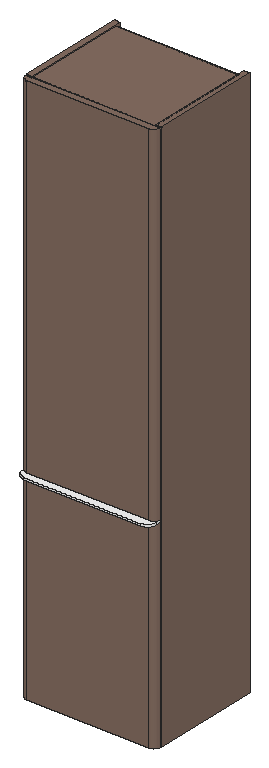
Revit family "tall cabinet, door hinge", category Furniture, Revit 2019 (continued)
Definition of nested family "tall cabinet 400_350, door hinge left-54138670-dark walnut-matt_black-400_content"
  Parameters (values of type "Tall cabinet 400_350, door hinge left-54138670-Dark Walnut-MATT_BLACK-400_Content")
    LINA = "Tall cabinet 400/350, door hinge left-54138670-Dark Walnut-MATT_BLACK-400"
    L = 400
    IFC = "Furnishing element"
    GTINCODE = "4059625458242"
    ETIM = "EC011381 | Bathroom furniture set"
    Default Elevation = 1219.2 mm
    DESIGN = "Germany"
    ContentVisible [instance] = yes
    CATALOG = "Hansgrohe"
    BIMOBJECT = "Sanitary: Compound units"
    BASENUMBER = "Tall cabinet 400/350, door hinge left"
    ARTNR = "54138670"
  Reference planes
    plane 1 "Center (Front/Back)": y = 0
    plane 2: z = 0
    plane 3 "Center (Left/Right)": x = 0
  Forms (mm)
    Extrusion 1, solid, visible <- "ContentVisible", detail levels medium+fine
      sketch origin (0, 0, 0) x (1, 0, 0) y (0, 1, 0)
        loop
          line (-200, 0) -> (-200, -325)
          arc (-200, -325) -> (-199.121, -327.121) -> (-197, -328) r 3
          line (-197, -328) -> (-184, -328) -> (-184, 0) -> (-200, 0)
      from 0 to 1650
    Extrusion 2, solid, visible <- "ContentVisible", detail levels medium+fine
      sketch origin (0, 0, 0) x (1, 0, 0) y (0, 1, 0)
        loop
          line (-184, -20) -> (-184, -327) -> (184, -327) -> (184, -20) -> (-184, -20)
      from 0 to 1649
    Extrusion 3, solid, visible <- "ContentVisible", detail levels medium+fine
      sketch origin (0, 0, 0) x (1, 0, 0) y (0, 1, 0)
        loop
          line (184, 0) -> (184, -328) -> (197, -328)
          arc (197, -328) -> (199.121, -327.121) -> (200, -325) r 3
          line (200, -325) -> (200, 0) -> (184, 0)
      from 0 to 1650
    Extrusion 4, solid, visible <- "ContentVisible", detail levels medium+fine
      sketch origin (0, 0, 2) x (1, 0, 0) y (0, 1, 0)
        loop
          line (-184, -16) -> (-184, -20) -> (184, -20) -> (184, -16) -> (-184, -16)
      from 0 to 1646
    Extrusion 5, solid, visible <- "ContentVisible", detail levels medium+fine
      sketch origin (0, 0, 2) x (1, 0, 0) y (0, 1, 0)
        loop
          arc (-200, -330) -> (-194.435, -343.435) -> (-181, -349) r 19
          line (-181, -349) -> (181, -349)
          arc (181, -349) -> (194.435, -343.435) -> (200, -330) r 19
          line (200, -330) -> (200, -328) -> (-200, -328) -> (-200, -330)
      from 0 to 597
    Extrusion 6, solid, visible <- "ContentVisible", detail levels medium+fine
      sketch origin (0, 0, 599) x (1, 0, 0) y (0, 1, 0)
        loop
          line (-198.5, -328) -> (-198.5, -344)
          arc (-198.5, -344) -> (-191.178, -361.678) -> (-173.5, -369) r 25
          line (-173.5, -369) -> (173.5, -369)
          arc (173.5, -369) -> (191.178, -361.678) -> (198.5, -344) r 25
          line (198.5, -344) -> (198.5, -328) -> (178.5, -328) -> (178.5, -326.5) -> (-178.5, -326.5) -> (-178.5, -328) -> (-198.5, -328)
      from 0 to 5
    Extrusion 7, solid, visible <- "ContentVisible", detail levels medium+fine
      sketch origin (0, 0, 607) x (1, 0, 0) y (0, 1, 0)
        loop
          arc (-200, -330) -> (-194.435, -343.435) -> (-181, -349) r 19
          line (-181, -349) -> (181, -349)
          arc (181, -349) -> (194.435, -343.435) -> (200, -330) r 19
          line (200, -330) -> (200, -328) -> (-200, -328) -> (-200, -330)
      from 0 to 1041
    Extrusion 8, solid, visible <- "ContentVisible", detail levels coarse
      sketch origin (0, -184.5, 0) x (1, 0, 0) y (0, 1, 0)
        loop
          line (-200, -184.5) -> (200, -184.5) -> (200, 184.5) -> (-200, 184.5) -> (-200, -184.5)
      from 0 to 1650
  Dimensions and locks
    aligned and locked: level to plane 2
Definition of nested family "tall cabinet 400_350, door hinge left-54138700-dark walnut-matt_white-200_content"
  Parameters (values of type "Tall cabinet 400_350, door hinge left-54138700-Dark Walnut-MATT_WHITE-200_Content")
    etim7_EC011381 = "EC011381"
    WEIGHT = "36.9"
    UNSPSC = "56 | Furniture and Furnishings"
    UNIFORMATII = "E2010 | Fixed Furnishings"
    UNICLASS_2015_CODE = "40_30_78_05"
    UNICLASS2015 = "Pr_40_30_78_05 | Bathroom furniture"
    SURFACE = "MATT_WHITE"
    SPECIFICATION = "Surfaces:    - 54138000 Chrome  - 54138670 Matt Black  - 54138700 Matt White      Specification:"
    REGIONSET = "Worldwide"
    PRODUCTURL = "https://pro.hansgrohe.com/articledetail--54138000"
    PRODUCTGROUP = "bathroom vanity"
    PRODUCTFAMILY = "Xelu Q"
    PERMALINK = "54138XXX"
    OMNICLASS = "23-21 19 15 33 13 | Residential Bathroom Specialty Casework"
    OBJECTTYPE = "Object (single object)"
    OBERFLAECHE = "Dark Walnut"
    NN = "Tall cabinet, door hinge"
    NBSYN = "$BASENUMBER.-$ARTNR.-$OBERFLAECHE.-$SURFACE.-$LODLEVEL."
    NB = "Tall cabinet 400/350, door hinge left-54138700-Dark Walnut-MATT_WHITE-200"
    NAME = "Xelu Q Tall cabinet Dark Walnut 400/350, door hinge left"
    Model = "Tall cabinet 400/350, door hinge left-54138700-Dark Walnut-MATT_WHITE-200"
    Manufacturer = "Hansgrohe"
    MASTERFORMAT = "12 35 30.23 | Bathroom Casework"
    LODLEVEL = "200"
    LINA = "Tall cabinet 400/350, door hinge left-54138700-Dark Walnut-MATT_WHITE-200"
    L = 400
    IFC = "Furnishing element"
    GTINCODE = "4059625458242"
    ETIM = "EC011381 | Bathroom furniture set"
    Default Elevation = 1219.2 mm
    DESIGN = "Germany"
    ContentVisible [instance] = yes
    CATALOG = "Hansgrohe"
    BIMOBJECT = "Sanitary: Compound units"
    BASENUMBER = "Tall cabinet 400/350, door hinge left"
    ARTNR = "54138700"
  Reference planes
    plane 1 "Center (Front/Back)": y = 0
    plane 2: z = 0
    plane 3 "Center (Left/Right)": x = 0
  Forms (mm)
    Extrusion 1, solid, visible <- "ContentVisible", detail levels medium+fine
      sketch origin (0, 0, 0) x (1, 0, 0) y (0, 1, 0)
        loop
          line (-200, 0) -> (-200, -349) -> (200, -349) -> (200, 0) -> (-200, 0)
      from 0 to 1650
    Extrusion 2, solid, visible <- "ContentVisible", detail levels medium+fine
      sketch origin (0, 0, 599) x (1, 0, 0) y (0, 1, 0)
        loop
          line (-198.5, -328) -> (-198.5, -369) -> (198.5, -369) -> (198.5, -328) -> (178.5, -328) -> (178.5, -326.5) -> (-178.5, -326.5) -> (-178.5, -328) -> (-198.5, -328)
      from 0 to 5
    Extrusion 3, solid, visible <- "ContentVisible", detail levels coarse
      sketch origin (0, -184.5, 0) x (1, 0, 0) y (0, 1, 0)
        loop
          line (-200, -184.5) -> (200, -184.5) -> (200, 184.5) -> (-200, 184.5) -> (-200, -184.5)
      from 0 to 1650
  Dimensions and locks
    aligned and locked: level to plane 2
Definition of nested family "tall cabinet 400_350, door hinge left-54138700-dark walnut-matt_white-400_content"
  Parameters (values of type "Tall cabinet 400_350, door hinge left-54138700-Dark Walnut-MATT_WHITE-400_Content")
    etim7_EC011381 = "EC011381"
    WEIGHT = "36.9"
    UNSPSC = "56 | Furniture and Furnishings"
    UNIFORMATII = "E2010 | Fixed Furnishings"
    UNICLASS_2015_CODE = "40_30_78_05"
    UNICLASS2015 = "Pr_40_30_78_05 | Bathroom furniture"
    SURFACE = "MATT_WHITE"
    SPECIFICATION = "Surfaces:    - 54138000 Chrome  - 54138670 Matt Black  - 54138700 Matt White      Specification:"
    REGIONSET = "Worldwide"
    PRODUCTURL = "https://pro.hansgrohe.com/articledetail--54138000"
    PRODUCTGROUP = "bathroom vanity"
    PRODUCTFAMILY = "Xelu Q"
    PERMALINK = "54138XXX"
    OMNICLASS = "23-21 19 15 33 13 | Residential Bathroom Specialty Casework"
    OBJECTTYPE = "Object (single object)"
    OBERFLAECHE = "Dark Walnut"
    NN = "Tall cabinet, door hinge"
    NBSYN = "$BASENUMBER.-$ARTNR.-$OBERFLAECHE.-$SURFACE.-$LODLEVEL."
    NB = "Tall cabinet 400/350, door hinge left-54138700-Dark Walnut-MATT_WHITE-400"
    NAME = "Xelu Q Tall cabinet Dark Walnut 400/350, door hinge left"
    Model = "Tall cabinet 400/350, door hinge left-54138700-Dark Walnut-MATT_WHITE-400"
    Manufacturer = "Hansgrohe"
    MASTERFORMAT = "12 35 30.23 | Bathroom Casework"
    LODLEVEL = "400"
    LINA = "Tall cabinet 400/350, door hinge left-54138700-Dark Walnut-MATT_WHITE-400"
    L = 400
    IFC = "Furnishing element"
    GTINCODE = "4059625458242"
    ETIM = "EC011381 | Bathroom furniture set"
    Default Elevation = 1219.2 mm
    DESIGN = "Germany"
    ContentVisible [instance] = yes
    CATALOG = "Hansgrohe"
    BIMOBJECT = "Sanitary: Compound units"
    BASENUMBER = "Tall cabinet 400/350, door hinge left"
    ARTNR = "54138700"
  Reference planes
    plane 1 "Center (Front/Back)": y = 0
    plane 2: z = 0
    plane 3 "Center (Left/Right)": x = 0
  Forms (mm)
    Extrusion 1, solid, visible <- "ContentVisible", detail levels medium+fine
      sketch origin (0, 0, 0) x (1, 0, 0) y (0, 1, 0)
        loop
          line (-200, 0) -> (-200, -325)
          arc (-200, -325) -> (-199.121, -327.121) -> (-197, -328) r 3
          line (-197, -328) -> (-184, -328) -> (-184, 0) -> (-200, 0)
      from 0 to 1650
    Extrusion 2, solid, visible <- "ContentVisible", detail levels medium+fine
      sketch origin (0, 0, 0) x (1, 0, 0) y (0, 1, 0)
        loop
          line (-184, -20) -> (-184, -327) -> (184, -327) -> (184, -20) -> (-184, -20)
      from 0 to 1649
    Extrusion 3, solid, visible <- "ContentVisible", detail levels medium+fine
      sketch origin (0, 0, 0) x (1, 0, 0) y (0, 1, 0)
        loop
          line (184, 0) -> (184, -328) -> (197, -328)
          arc (197, -328) -> (199.121, -327.121) -> (200, -325) r 3
          line (200, -325) -> (200, 0) -> (184, 0)
      from 0 to 1650
    Extrusion 4, solid, visible <- "ContentVisible", detail levels medium+fine
      sketch origin (0, 0, 2) x (1, 0, 0) y (0, 1, 0)
        loop
          line (-184, -16) -> (-184, -20) -> (184, -20) -> (184, -16) -> (-184, -16)
      from 0 to 1646
    Extrusion 5, solid, visible <- "ContentVisible", detail levels medium+fine
      sketch origin (0, 0, 2) x (1, 0, 0) y (0, 1, 0)
        loop
          arc (-200, -330) -> (-194.435, -343.435) -> (-181, -349) r 19
          line (-181, -349) -> (181, -349)
          arc (181, -349) -> (194.435, -343.435) -> (200, -330) r 19
          line (200, -330) -> (200, -328) -> (-200, -328) -> (-200, -330)
      from 0 to 597
    Extrusion 6, solid, visible <- "ContentVisible", detail levels medium+fine
      sketch origin (0, 0, 599) x (1, 0, 0) y (0, 1, 0)
        loop
          line (-198.5, -328) -> (-198.5, -344)
          arc (-198.5, -344) -> (-191.178, -361.678) -> (-173.5, -369) r 25
          line (-173.5, -369) -> (173.5, -369)
          arc (173.5, -369) -> (191.178, -361.678) -> (198.5, -344) r 25
          line (198.5, -344) -> (198.5, -328) -> (178.5, -328) -> (178.5, -326.5) -> (-178.5, -326.5) -> (-178.5, -328) -> (-198.5, -328)
      from 0 to 5
    Extrusion 7, solid, visible <- "ContentVisible", detail levels medium+fine
      sketch origin (0, 0, 607) x (1, 0, 0) y (0, 1, 0)
        loop
          arc (-200, -330) -> (-194.435, -343.435) -> (-181, -349) r 19
          line (-181, -349) -> (181, -349)
          arc (181, -349) -> (194.435, -343.435) -> (200, -330) r 19
          line (200, -330) -> (200, -328) -> (-200, -328) -> (-200, -330)
      from 0 to 1041
    Extrusion 8, solid, visible <- "ContentVisible", detail levels coarse
      sketch origin (0, -184.5, 0) x (1, 0, 0) y (0, 1, 0)
        loop
          line (-200, -184.5) -> (200, -184.5) -> (200, 184.5) -> (-200, 184.5) -> (-200, -184.5)
      from 0 to 1650
  Dimensions and locks
    aligned and locked: level to plane 2
Definition of nested family "tall cabinet 400_350, door hinge right-54139000-high gloss white-chrome-200_content"
  Parameters (values of type "Tall cabinet 400_350, door hinge right-54139000-High Gloss White-CHROME-200_Content")
    etim7_EC011381 = "EC011381"
    WEIGHT = "36.9"
    UNSPSC = "56 | Furniture and Furnishings"
    UNIFORMATII = "E2010 | Fixed Furnishings"
    UNICLASS_2015_CODE = "40_30_78_05"
    UNICLASS2015 = "Pr_40_30_78_05 | Bathroom furniture"
    SURFACE = "CHROME"
    SPECIFICATION = "Surfaces:    - 54139000 Chrome  - 54139670 Matt Black  - 54139700 Matt White      Specification:"
    REGIONSET = "Worldwide"
    PRODUCTURL = "https://pro.hansgrohe.com/articledetail--54139000"
    PRODUCTGROUP = "bathroom vanity"
    PRODUCTFAMILY = "Xelu Q"
    PERMALINK = "54139XXX"
    OMNICLASS = "23-21 19 15 33 13 | Residential Bathroom Specialty Casework"
    OBJECTTYPE = "Object (single object)"
    OBERFLAECHE = "High Gloss White"
    NN = "Tall cabinet, door hinge"
    NBSYN = "$BASENUMBER.-$ARTNR.-$OBERFLAECHE.-$SURFACE.-$LODLEVEL."
    NB = "Tall cabinet 400/350, door hinge right-54139000-High Gloss White-CHROME-200"
    NAME = "Xelu Q Tall cabinet High Gloss White 400/350, door hinge right"
    Model = "Tall cabinet 400/350, door hinge right-54139000-High Gloss White-CHROME-200"
    Manufacturer = "Hansgrohe"
    MASTERFORMAT = "12 35 30.23 | Bathroom Casework"
    LODLEVEL = "200"
    LINA = "Tall cabinet 400/350, door hinge right-54139000-High Gloss White-CHROME-200"
    L = 400
    IFC = "Furnishing element"
    GTINCODE = "4059625458617"
    ETIM = "EC011381 | Bathroom furniture set"
    Default Elevation = 1219.2 mm
    DESIGN = "Germany"
    ContentVisible [instance] = yes
    CATALOG = "Hansgrohe"
    BIMOBJECT = "Sanitary: Compound units"
    BASENUMBER = "Tall cabinet 400/350, door hinge right"
    ARTNR = "54139000"
  Reference planes
    plane 1 "Center (Front/Back)": y = 0
    plane 2: z = 0
    plane 3 "Center (Left/Right)": x = 0
  Forms (mm)
    Extrusion 1, solid, visible <- "ContentVisible", detail levels medium+fine
      sketch origin (0, 0, 0) x (1, 0, 0) y (0, 1, 0)
        loop
          line (-200, 0) -> (-200, -349) -> (200, -349) -> (200, 0) -> (-200, 0)
      from 0 to 1650
    Extrusion 2, solid, visible <- "ContentVisible", detail levels medium+fine
      sketch origin (0, 0, 599) x (1, 0, 0) y (0, 1, 0)
        loop
          line (-198.5, -328) -> (-198.5, -369) -> (198.5, -369) -> (198.5, -328) -> (178.5, -328) -> (178.5, -326.5) -> (-178.5, -326.5) -> (-178.5, -328) -> (-198.5, -328)
      from 0 to 5
    Extrusion 3, solid, visible <- "ContentVisible", detail levels coarse
      sketch origin (0, -184.5, 0) x (1, 0, 0) y (0, 1, 0)
        loop
          line (-200, -184.5) -> (200, -184.5) -> (200, 184.5) -> (-200, 184.5) -> (-200, -184.5)
      from 0 to 1650
  Dimensions and locks
    aligned and locked: level to plane 2
Definition of nested family "tall cabinet 400_350, door hinge right-54139000-high gloss white-chrome-400_content"
  Parameters (values of type "Tall cabinet 400_350, door hinge right-54139000-High Gloss White-CHROME-400_Content")
    etim7_EC011381 = "EC011381"
    WEIGHT = "36.9"
    UNSPSC = "56 | Furniture and Furnishings"
    UNIFORMATII = "E2010 | Fixed Furnishings"
    UNICLASS_2015_CODE = "40_30_78_05"
    UNICLASS2015 = "Pr_40_30_78_05 | Bathroom furniture"
    SURFACE = "CHROME"
    SPECIFICATION = "Surfaces:    - 54139000 Chrome  - 54139670 Matt Black  - 54139700 Matt White      Specification:"
    REGIONSET = "Worldwide"
    PRODUCTURL = "https://pro.hansgrohe.com/articledetail--54139000"
    PRODUCTGROUP = "bathroom vanity"
    PRODUCTFAMILY = "Xelu Q"
    PERMALINK = "54139XXX"
    OMNICLASS = "23-21 19 15 33 13 | Residential Bathroom Specialty Casework"
    OBJECTTYPE = "Object (single object)"
    OBERFLAECHE = "High Gloss White"
    NN = "Tall cabinet, door hinge"
    NBSYN = "$BASENUMBER.-$ARTNR.-$OBERFLAECHE.-$SURFACE.-$LODLEVEL."
    NB = "Tall cabinet 400/350, door hinge right-54139000-High Gloss White-CHROME-400"
    NAME = "Xelu Q Tall cabinet High Gloss White 400/350, door hinge right"
    Model = "Tall cabinet 400/350, door hinge right-54139000-High Gloss White-CHROME-400"
    Manufacturer = "Hansgrohe"
    MASTERFORMAT = "12 35 30.23 | Bathroom Casework"
    LODLEVEL = "400"
    LINA = "Tall cabinet 400/350, door hinge right-54139000-High Gloss White-CHROME-400"
    L = 400
    IFC = "Furnishing element"
    GTINCODE = "4059625458617"
    ETIM = "EC011381 | Bathroom furniture set"
    Default Elevation = 1219.2 mm
    DESIGN = "Germany"
    ContentVisible [instance] = yes
    CATALOG = "Hansgrohe"
    BIMOBJECT = "Sanitary: Compound units"
    BASENUMBER = "Tall cabinet 400/350, door hinge right"
    ARTNR = "54139000"
  Reference planes
    plane 1 "Center (Front/Back)": y = 0
    plane 2: z = 0
    plane 3 "Center (Left/Right)": x = 0
  Forms (mm)
    Extrusion 1, solid, visible <- "ContentVisible", detail levels medium+fine
      sketch origin (0, 0, 0) x (1, 0, 0) y (0, 1, 0)
        loop
          line (-200, 0) -> (-200, -325)
          arc (-200, -325) -> (-199.121, -327.121) -> (-197, -328) r 3
          line (-197, -328) -> (-184, -328) -> (-184, 0) -> (-200, 0)
      from 0 to 1650
    Extrusion 2, solid, visible <- "ContentVisible", detail levels medium+fine
      sketch origin (0, 0, 0) x (1, 0, 0) y (0, 1, 0)
        loop
          line (-184, -20) -> (-184, -327) -> (184, -327) -> (184, -20) -> (-184, -20)
      from 0 to 1649
    Extrusion 3, solid, visible <- "ContentVisible", detail levels medium+fine
      sketch origin (0, 0, 0) x (1, 0, 0) y (0, 1, 0)
        loop
          line (184, 0) -> (184, -328) -> (197, -328)
          arc (197, -328) -> (199.121, -327.121) -> (200, -325) r 3
          line (200, -325) -> (200, 0) -> (184, 0)
      from 0 to 1650
    Extrusion 4, solid, visible <- "ContentVisible", detail levels medium+fine
      sketch origin (0, 0, 2) x (1, 0, 0) y (0, 1, 0)
        loop
          line (-184, -16) -> (-184, -20) -> (184, -20) -> (184, -16) -> (-184, -16)
      from 0 to 1646
    Extrusion 5, solid, visible <- "ContentVisible", detail levels medium+fine
      sketch origin (0, 0, 2) x (1, 0, 0) y (0, 1, 0)
        loop
          arc (-200, -330) -> (-194.435, -343.435) -> (-181, -349) r 19
          line (-181, -349) -> (181, -349)
          arc (181, -349) -> (194.435, -343.435) -> (200, -330) r 19
          line (200, -330) -> (200, -328) -> (-200, -328) -> (-200, -330)
      from 0 to 597
    Extrusion 6, solid, visible <- "ContentVisible", detail levels medium+fine
      sketch origin (0, 0, 599) x (1, 0, 0) y (0, 1, 0)
        loop
          line (-198.5, -328) -> (-198.5, -344)
          arc (-198.5, -344) -> (-191.178, -361.678) -> (-173.5, -369) r 25
          line (-173.5, -369) -> (173.5, -369)
          arc (173.5, -369) -> (191.178, -361.678) -> (198.5, -344) r 25
          line (198.5, -344) -> (198.5, -328) -> (178.5, -328) -> (178.5, -326.5) -> (-178.5, -326.5) -> (-178.5, -328) -> (-198.5, -328)
      from 0 to 5
    Extrusion 7, solid, visible <- "ContentVisible", detail levels medium+fine
      sketch origin (0, 0, 607) x (1, 0, 0) y (0, 1, 0)
        loop
          arc (-200, -330) -> (-194.435, -343.435) -> (-181, -349) r 19
          line (-181, -349) -> (181, -349)
          arc (181, -349) -> (194.435, -343.435) -> (200, -330) r 19
          line (200, -330) -> (200, -328) -> (-200, -328) -> (-200, -330)
      from 0 to 1041
    Extrusion 8, solid, visible <- "ContentVisible", detail levels coarse
      sketch origin (0, -184.5, 0) x (1, 0, 0) y (0, 1, 0)
        loop
          line (-200, -184.5) -> (200, -184.5) -> (200, 184.5) -> (-200, 184.5) -> (-200, -184.5)
      from 0 to 1650
  Dimensions and locks
    aligned and locked: level to plane 2
Definition of nested family "tall cabinet 400_350, door hinge right-54139670-high gloss white-matt_black-200_content"
  Parameters (values of type "Tall cabinet 400_350, door hinge right-54139670-High Gloss White-MATT_BLACK-200_Content")
    etim7_EC011381 = "EC011381"
    WEIGHT = "36.9"
    UNSPSC = "56 | Furniture and Furnishings"
    UNIFORMATII = "E2010 | Fixed Furnishings"
    UNICLASS_2015_CODE = "40_30_78_05"
    UNICLASS2015 = "Pr_40_30_78_05 | Bathroom furniture"
    SURFACE = "MATT_BLACK"
    SPECIFICATION = "Surfaces:    - 54139000 Chrome  - 54139670 Matt Black  - 54139700 Matt White      Specification:"
    REGIONSET = "Worldwide"
    PRODUCTURL = "https://pro.hansgrohe.com/articledetail--54139000"
    PRODUCTGROUP = "bathroom vanity"
    PRODUCTFAMILY = "Xelu Q"
    PERMALINK = "54139XXX"
    OMNICLASS = "23-21 19 15 33 13 | Residential Bathroom Specialty Casework"
    OBJECTTYPE = "Object (single object)"
    OBERFLAECHE = "High Gloss White"
    NN = "Tall cabinet, door hinge"
    NBSYN = "$BASENUMBER.-$ARTNR.-$OBERFLAECHE.-$SURFACE.-$LODLEVEL."
    NB = "Tall cabinet 400/350, door hinge right-54139670-High Gloss White-MATT_BLACK-200"
    NAME = "Xelu Q Tall cabinet High Gloss White 400/350, door hinge right"
    Model = "Tall cabinet 400/350, door hinge right-54139670-High Gloss White-MATT_BLACK-200"
    Manufacturer = "Hansgrohe"
    MASTERFORMAT = "12 35 30.23 | Bathroom Casework"
    LODLEVEL = "200"
    LINA = "Tall cabinet 400/350, door hinge right-54139670-High Gloss White-MATT_BLACK-200"
    L = 400
    IFC = "Furnishing element"
    GTINCODE = "4059625458617"
    ETIM = "EC011381 | Bathroom furniture set"
    Default Elevation = 1219.2 mm
    DESIGN = "Germany"
    ContentVisible [instance] = yes
    CATALOG = "Hansgrohe"
    BIMOBJECT = "Sanitary: Compound units"
    BASENUMBER = "Tall cabinet 400/350, door hinge right"
    ARTNR = "54139670"
  Reference planes
    plane 1 "Center (Front/Back)": y = 0
    plane 2: z = 0
    plane 3 "Center (Left/Right)": x = 0
  Forms (mm)
    Extrusion 1, solid, visible <- "ContentVisible", detail levels medium+fine
      sketch origin (0, 0, 0) x (1, 0, 0) y (0, 1, 0)
        loop
          line (-200, 0) -> (-200, -349) -> (200, -349) -> (200, 0) -> (-200, 0)
      from 0 to 1650
    Extrusion 2, solid, visible <- "ContentVisible", detail levels medium+fine
      sketch origin (0, 0, 599) x (1, 0, 0) y (0, 1, 0)
        loop
          line (-198.5, -328) -> (-198.5, -369) -> (198.5, -369) -> (198.5, -328) -> (178.5, -328) -> (178.5, -326.5) -> (-178.5, -326.5) -> (-178.5, -328) -> (-198.5, -328)
      from 0 to 5
    Extrusion 3, solid, visible <- "ContentVisible", detail levels coarse
      sketch origin (0, -184.5, 0) x (1, 0, 0) y (0, 1, 0)
        loop
          line (-200, -184.5) -> (200, -184.5) -> (200, 184.5) -> (-200, 184.5) -> (-200, -184.5)
      from 0 to 1650
  Dimensions and locks
    aligned and locked: level to plane 2
Definition of nested family "tall cabinet 400_350, door hinge right-54139670-high gloss white-matt_black-400_content"
  Parameters (values of type "Tall cabinet 400_350, door hinge right-54139670-High Gloss White-MATT_BLACK-400_Content")
    etim7_EC011381 = "EC011381"
    WEIGHT = "36.9"
    UNSPSC = "56 | Furniture and Furnishings"
    UNIFORMATII = "E2010 | Fixed Furnishings"
    UNICLASS_2015_CODE = "40_30_78_05"
    UNICLASS2015 = "Pr_40_30_78_05 | Bathroom furniture"
    SURFACE = "MATT_BLACK"
    SPECIFICATION = "Surfaces:    - 54139000 Chrome  - 54139670 Matt Black  - 54139700 Matt White      Specification:"
    REGIONSET = "Worldwide"
    PRODUCTURL = "https://pro.hansgrohe.com/articledetail--54139000"
    PRODUCTGROUP = "bathroom vanity"
    PRODUCTFAMILY = "Xelu Q"
    PERMALINK = "54139XXX"
    OMNICLASS = "23-21 19 15 33 13 | Residential Bathroom Specialty Casework"
    OBJECTTYPE = "Object (single object)"
    OBERFLAECHE = "High Gloss White"
    NN = "Tall cabinet, door hinge"
    NBSYN = "$BASENUMBER.-$ARTNR.-$OBERFLAECHE.-$SURFACE.-$LODLEVEL."
    NB = "Tall cabinet 400/350, door hinge right-54139670-High Gloss White-MATT_BLACK-400"
    NAME = "Xelu Q Tall cabinet High Gloss White 400/350, door hinge right"
    Model = "Tall cabinet 400/350, door hinge right-54139670-High Gloss White-MATT_BLACK-400"
    Manufacturer = "Hansgrohe"
    MASTERFORMAT = "12 35 30.23 | Bathroom Casework"
    LODLEVEL = "400"
    LINA = "Tall cabinet 400/350, door hinge right-54139670-High Gloss White-MATT_BLACK-400"
    L = 400
    IFC = "Furnishing element"
    GTINCODE = "4059625458617"
    ETIM = "EC011381 | Bathroom furniture set"
    Default Elevation = 1219.2 mm
    DESIGN = "Germany"
    ContentVisible [instance] = yes
    CATALOG = "Hansgrohe"
    BIMOBJECT = "Sanitary: Compound units"
    BASENUMBER = "Tall cabinet 400/350, door hinge right"
    ARTNR = "54139670"
  Reference planes
    plane 1 "Center (Front/Back)": y = 0
    plane 2: z = 0
    plane 3 "Center (Left/Right)": x = 0
  Forms (mm)
    Extrusion 1, solid, visible <- "ContentVisible", detail levels medium+fine
      sketch origin (0, 0, 0) x (1, 0, 0) y (0, 1, 0)
        loop
          line (-200, 0) -> (-200, -325)
          arc (-200, -325) -> (-199.121, -327.121) -> (-197, -328) r 3
          line (-197, -328) -> (-184, -328) -> (-184, 0) -> (-200, 0)
      from 0 to 1650
    Extrusion 2, solid, visible <- "ContentVisible", detail levels medium+fine
      sketch origin (0, 0, 0) x (1, 0, 0) y (0, 1, 0)
        loop
          line (-184, -20) -> (-184, -327) -> (184, -327) -> (184, -20) -> (-184, -20)
      from 0 to 1649
    Extrusion 3, solid, visible <- "ContentVisible", detail levels medium+fine
      sketch origin (0, 0, 0) x (1, 0, 0) y (0, 1, 0)
        loop
          line (184, 0) -> (184, -328) -> (197, -328)
          arc (197, -328) -> (199.121, -327.121) -> (200, -325) r 3
          line (200, -325) -> (200, 0) -> (184, 0)
      from 0 to 1650
    Extrusion 4, solid, visible <- "ContentVisible", detail levels medium+fine
      sketch origin (0, 0, 2) x (1, 0, 0) y (0, 1, 0)
        loop
          line (-184, -16) -> (-184, -20) -> (184, -20) -> (184, -16) -> (-184, -16)
      from 0 to 1646
    Extrusion 5, solid, visible <- "ContentVisible", detail levels medium+fine
      sketch origin (0, 0, 2) x (1, 0, 0) y (0, 1, 0)
        loop
          arc (-200, -330) -> (-194.435, -343.435) -> (-181, -349) r 19
          line (-181, -349) -> (181, -349)
          arc (181, -349) -> (194.435, -343.435) -> (200, -330) r 19
          line (200, -330) -> (200, -328) -> (-200, -328) -> (-200, -330)
      from 0 to 597
    Extrusion 6, solid, visible <- "ContentVisible", detail levels medium+fine
      sketch origin (0, 0, 599) x (1, 0, 0) y (0, 1, 0)
        loop
          line (-198.5, -328) -> (-198.5, -344)
          arc (-198.5, -344) -> (-191.178, -361.678) -> (-173.5, -369) r 25
          line (-173.5, -369) -> (173.5, -369)
          arc (173.5, -369) -> (191.178, -361.678) -> (198.5, -344) r 25
          line (198.5, -344) -> (198.5, -328) -> (178.5, -328) -> (178.5, -326.5) -> (-178.5, -326.5) -> (-178.5, -328) -> (-198.5, -328)
      from 0 to 5
    Extrusion 7, solid, visible <- "ContentVisible", detail levels medium+fine
      sketch origin (0, 0, 607) x (1, 0, 0) y (0, 1, 0)
        loop
          arc (-200, -330) -> (-194.435, -343.435) -> (-181, -349) r 19
          line (-181, -349) -> (181, -349)
          arc (181, -349) -> (194.435, -343.435) -> (200, -330) r 19
          line (200, -330) -> (200, -328) -> (-200, -328) -> (-200, -330)
      from 0 to 1041
    Extrusion 8, solid, visible <- "ContentVisible", detail levels coarse
      sketch origin (0, -184.5, 0) x (1, 0, 0) y (0, 1, 0)
        loop
          line (-200, -184.5) -> (200, -184.5) -> (200, 184.5) -> (-200, 184.5) -> (-200, -184.5)
      from 0 to 1650
  Dimensions and locks
    aligned and locked: level to plane 2
Definition of nested family "tall cabinet 400_350, door hinge right-54139700-high gloss white-matt_white-200_content"
  Parameters (values of type "Tall cabinet 400_350, door hinge right-54139700-High Gloss White-MATT_WHITE-200_Content")
    etim7_EC011381 = "EC011381"
    WEIGHT = "36.9"
    UNSPSC = "56 | Furniture and Furnishings"
    UNIFORMATII = "E2010 | Fixed Furnishings"
    UNICLASS_2015_CODE = "40_30_78_05"
    UNICLASS2015 = "Pr_40_30_78_05 | Bathroom furniture"
    SURFACE = "MATT_WHITE"
    SPECIFICATION = "Surfaces:    - 54139000 Chrome  - 54139670 Matt Black  - 54139700 Matt White      Specification:"
    REGIONSET = "Worldwide"
    PRODUCTURL = "https://pro.hansgrohe.com/articledetail--54139000"
    PRODUCTGROUP = "bathroom vanity"
    PRODUCTFAMILY = "Xelu Q"
    PERMALINK = "54139XXX"
    OMNICLASS = "23-21 19 15 33 13 | Residential Bathroom Specialty Casework"
    OBJECTTYPE = "Object (single object)"
    OBERFLAECHE = "High Gloss White"
    NN = "Tall cabinet, door hinge"
    NBSYN = "$BASENUMBER.-$ARTNR.-$OBERFLAECHE.-$SURFACE.-$LODLEVEL."
    NB = "Tall cabinet 400/350, door hinge right-54139700-High Gloss White-MATT_WHITE-200"
    NAME = "Xelu Q Tall cabinet High Gloss White 400/350, door hinge right"
    Model = "Tall cabinet 400/350, door hinge right-54139700-High Gloss White-MATT_WHITE-200"
    Manufacturer = "Hansgrohe"
    MASTERFORMAT = "12 35 30.23 | Bathroom Casework"
    LODLEVEL = "200"
    LINA = "Tall cabinet 400/350, door hinge right-54139700-High Gloss White-MATT_WHITE-200"
    L = 400
    IFC = "Furnishing element"
    GTINCODE = "4059625458617"
    ETIM = "EC011381 | Bathroom furniture set"
    Default Elevation = 1219.2 mm
    DESIGN = "Germany"
    ContentVisible [instance] = yes
    CATALOG = "Hansgrohe"
    BIMOBJECT = "Sanitary: Compound units"
    BASENUMBER = "Tall cabinet 400/350, door hinge right"
    ARTNR = "54139700"
  Reference planes
    plane 1 "Center (Front/Back)": y = 0
    plane 2: z = 0
    plane 3 "Center (Left/Right)": x = 0
  Forms (mm)
    Extrusion 1, solid, visible <- "ContentVisible", detail levels medium+fine
      sketch origin (0, 0, 0) x (1, 0, 0) y (0, 1, 0)
        loop
          line (-200, 0) -> (-200, -349) -> (200, -349) -> (200, 0) -> (-200, 0)
      from 0 to 1650
    Extrusion 2, solid, visible <- "ContentVisible", detail levels medium+fine
      sketch origin (0, 0, 599) x (1, 0, 0) y (0, 1, 0)
        loop
          line (-198.5, -328) -> (-198.5, -369) -> (198.5, -369) -> (198.5, -328) -> (178.5, -328) -> (178.5, -326.5) -> (-178.5, -326.5) -> (-178.5, -328) -> (-198.5, -328)
      from 0 to 5
    Extrusion 3, solid, visible <- "ContentVisible", detail levels coarse
      sketch origin (0, -184.5, 0) x (1, 0, 0) y (0, 1, 0)
        loop
          line (-200, -184.5) -> (200, -184.5) -> (200, 184.5) -> (-200, 184.5) -> (-200, -184.5)
      from 0 to 1650
  Dimensions and locks
    aligned and locked: level to plane 2
Definition of nested family "tall cabinet 400_350, door hinge right-54139700-high gloss white-matt_white-400_content"
  Parameters (values of type "Tall cabinet 400_350, door hinge right-54139700-High Gloss White-MATT_WHITE-400_Content")
    etim7_EC011381 = "EC011381"
    WEIGHT = "36.9"
    UNSPSC = "56 | Furniture and Furnishings"
    UNIFORMATII = "E2010 | Fixed Furnishings"
    UNICLASS_2015_CODE = "40_30_78_05"
    UNICLASS2015 = "Pr_40_30_78_05 | Bathroom furniture"
    SURFACE = "MATT_WHITE"
    SPECIFICATION = "Surfaces:    - 54139000 Chrome  - 54139670 Matt Black  - 54139700 Matt White      Specification:"
    REGIONSET = "Worldwide"
    PRODUCTURL = "https://pro.hansgrohe.com/articledetail--54139000"
    PRODUCTGROUP = "bathroom vanity"
    PRODUCTFAMILY = "Xelu Q"
    PERMALINK = "54139XXX"
    OMNICLASS = "23-21 19 15 33 13 | Residential Bathroom Specialty Casework"
    OBJECTTYPE = "Object (single object)"
    OBERFLAECHE = "High Gloss White"
    NN = "Tall cabinet, door hinge"
    NBSYN = "$BASENUMBER.-$ARTNR.-$OBERFLAECHE.-$SURFACE.-$LODLEVEL."
    NB = "Tall cabinet 400/350, door hinge right-54139700-High Gloss White-MATT_WHITE-400"
    NAME = "Xelu Q Tall cabinet High Gloss White 400/350, door hinge right"
    Model = "Tall cabinet 400/350, door hinge right-54139700-High Gloss White-MATT_WHITE-400"
    Manufacturer = "Hansgrohe"
    MASTERFORMAT = "12 35 30.23 | Bathroom Casework"
    LODLEVEL = "400"
    LINA = "Tall cabinet 400/350, door hinge right-54139700-High Gloss White-MATT_WHITE-400"
    L = 400
    IFC = "Furnishing element"
    GTINCODE = "4059625458617"
    ETIM = "EC011381 | Bathroom furniture set"
    Default Elevation = 1219.2 mm
    DESIGN = "Germany"
    ContentVisible [instance] = yes
    CATALOG = "Hansgrohe"
    BIMOBJECT = "Sanitary: Compound units"
    BASENUMBER = "Tall cabinet 400/350, door hinge right"
    ARTNR = "54139700"
  Reference planes
    plane 1 "Center (Front/Back)": y = 0
    plane 2: z = 0
    plane 3 "Center (Left/Right)": x = 0
  Forms (mm)
    Extrusion 1, solid, visible <- "ContentVisible", detail levels medium+fine
      sketch origin (0, 0, 0) x (1, 0, 0) y (0, 1, 0)
        loop
          line (-200, 0) -> (-200, -325)
          arc (-200, -325) -> (-199.121, -327.121) -> (-197, -328) r 3
          line (-197, -328) -> (-184, -328) -> (-184, 0) -> (-200, 0)
      from 0 to 1650
    Extrusion 2, solid, visible <- "ContentVisible", detail levels medium+fine
      sketch origin (0, 0, 0) x (1, 0, 0) y (0, 1, 0)
        loop
          line (-184, -20) -> (-184, -327) -> (184, -327) -> (184, -20) -> (-184, -20)
      from 0 to 1649
    Extrusion 3, solid, visible <- "ContentVisible", detail levels medium+fine
      sketch origin (0, 0, 0) x (1, 0, 0) y (0, 1, 0)
        loop
          line (184, 0) -> (184, -328) -> (197, -328)
          arc (197, -328) -> (199.121, -327.121) -> (200, -325) r 3
          line (200, -325) -> (200, 0) -> (184, 0)
      from 0 to 1650
    Extrusion 4, solid, visible <- "ContentVisible", detail levels medium+fine
      sketch origin (0, 0, 2) x (1, 0, 0) y (0, 1, 0)
        loop
          line (-184, -16) -> (-184, -20) -> (184, -20) -> (184, -16) -> (-184, -16)
      from 0 to 1646
    Extrusion 5, solid, visible <- "ContentVisible", detail levels medium+fine
      sketch origin (0, 0, 2) x (1, 0, 0) y (0, 1, 0)
        loop
          arc (-200, -330) -> (-194.435, -343.435) -> (-181, -349) r 19
          line (-181, -349) -> (181, -349)
          arc (181, -349) -> (194.435, -343.435) -> (200, -330) r 19
          line (200, -330) -> (200, -328) -> (-200, -328) -> (-200, -330)
      from 0 to 597
    Extrusion 6, solid, visible <- "ContentVisible", detail levels medium+fine
      sketch origin (0, 0, 599) x (1, 0, 0) y (0, 1, 0)
        loop
          line (-198.5, -328) -> (-198.5, -344)
          arc (-198.5, -344) -> (-191.178, -361.678) -> (-173.5, -369) r 25
          line (-173.5, -369) -> (173.5, -369)
          arc (173.5, -369) -> (191.178, -361.678) -> (198.5, -344) r 25
          line (198.5, -344) -> (198.5, -328) -> (178.5, -328) -> (178.5, -326.5) -> (-178.5, -326.5) -> (-178.5, -328) -> (-198.5, -328)
      from 0 to 5
    Extrusion 7, solid, visible <- "ContentVisible", detail levels medium+fine
      sketch origin (0, 0, 607) x (1, 0, 0) y (0, 1, 0)
        loop
          arc (-200, -330) -> (-194.435, -343.435) -> (-181, -349) r 19
          line (-181, -349) -> (181, -349)
          arc (181, -349) -> (194.435, -343.435) -> (200, -330) r 19
          line (200, -330) -> (200, -328) -> (-200, -328) -> (-200, -330)
      from 0 to 1041
    Extrusion 8, solid, visible <- "ContentVisible", detail levels coarse
      sketch origin (0, -184.5, 0) x (1, 0, 0) y (0, 1, 0)
        loop
          line (-200, -184.5) -> (200, -184.5) -> (200, 184.5) -> (-200, 184.5) -> (-200, -184.5)
      from 0 to 1650
  Dimensions and locks
    aligned and locked: level to plane 2
Definition of nested family "tall cabinet 400_350, door hinge right-54140000-diamond matt grey-chrome-200_content"
  Parameters (values of type "Tall cabinet 400_350, door hinge right-54140000-Diamond Matt Grey-CHROME-200_Content")
    etim7_EC011381 = "EC011381"
    WEIGHT = "36.9"
    UNSPSC = "56 | Furniture and Furnishings"
    UNIFORMATII = "E2010 | Fixed Furnishings"
    UNICLASS_2015_CODE = "40_30_78_05"
    UNICLASS2015 = "Pr_40_30_78_05 | Bathroom furniture"
    SURFACE = "CHROME"
    SPECIFICATION = "Surfaces:    - 54140000 Chrome  - 54140670 Matt Black  - 54140700 Matt White      Specification:"
    REGIONSET = "Worldwide"
    PRODUCTURL = "https://pro.hansgrohe.com/articledetail--54140000"
    PRODUCTGROUP = "bathroom vanity"
    PRODUCTFAMILY = "Xelu Q"
    PERMALINK = "54140XXX"
    OMNICLASS = "23-21 19 15 33 13 | Residential Bathroom Specialty Casework"
    OBJECTTYPE = "Object (single object)"
    OBERFLAECHE = "Diamond Matt Grey"
    NN = "Tall cabinet, door hinge"
    NBSYN = "$BASENUMBER.-$ARTNR.-$OBERFLAECHE.-$SURFACE.-$LODLEVEL."
    NB = "Tall cabinet 400/350, door hinge right-54140000-Diamond Matt Grey-CHROME-200"
    NAME = "Xelu Q Tall cabinet Diamond Matt Grey 400/350, door hinge right"
    Model = "Tall cabinet 400/350, door hinge right-54140000-Diamond Matt Grey-CHROME-200"
    Manufacturer = "Hansgrohe"
    MASTERFORMAT = "12 35 30.23 | Bathroom Casework"
    LODLEVEL = "200"
    LINA = "Tall cabinet 400/350, door hinge right-54140000-Diamond Matt Grey-CHROME-200"
    L = 400
    IFC = "Furnishing element"
    GTINCODE = "4059625458587"
    ETIM = "EC011381 | Bathroom furniture set"
    Default Elevation = 1219.2 mm
    DESIGN = "Germany"
    ContentVisible [instance] = yes
    CATALOG = "Hansgrohe"
    BIMOBJECT = "Sanitary: Compound units"
    BASENUMBER = "Tall cabinet 400/350, door hinge right"
    ARTNR = "54140000"
  Reference planes
    plane 1 "Center (Front/Back)": y = 0
    plane 2: z = 0
    plane 3 "Center (Left/Right)": x = 0
  Forms (mm)
    Extrusion 1, solid, visible <- "ContentVisible", detail levels medium+fine
      sketch origin (0, 0, 0) x (1, 0, 0) y (0, 1, 0)
        loop
          line (-200, 0) -> (-200, -349) -> (200, -349) -> (200, 0) -> (-200, 0)
      from 0 to 1650
    Extrusion 2, solid, visible <- "ContentVisible", detail levels medium+fine
      sketch origin (0, 0, 599) x (1, 0, 0) y (0, 1, 0)
        loop
          line (-198.5, -328) -> (-198.5, -369) -> (198.5, -369) -> (198.5, -328) -> (178.5, -328) -> (178.5, -326.5) -> (-178.5, -326.5) -> (-178.5, -328) -> (-198.5, -328)
      from 0 to 5
    Extrusion 3, solid, visible <- "ContentVisible", detail levels coarse
      sketch origin (0, -184.5, 0) x (1, 0, 0) y (0, 1, 0)
        loop
          line (-200, -184.5) -> (200, -184.5) -> (200, 184.5) -> (-200, 184.5) -> (-200, -184.5)
      from 0 to 1650
  Dimensions and locks
    aligned and locked: level to plane 2
Definition of nested family "tall cabinet 400_350, door hinge right-54140000-diamond matt grey-chrome-400_content"
  Parameters (values of type "Tall cabinet 400_350, door hinge right-54140000-Diamond Matt Grey-CHROME-400_Content")
    etim7_EC011381 = "EC011381"
    WEIGHT = "36.9"
    UNSPSC = "56 | Furniture and Furnishings"
    UNIFORMATII = "E2010 | Fixed Furnishings"
    UNICLASS_2015_CODE = "40_30_78_05"
    UNICLASS2015 = "Pr_40_30_78_05 | Bathroom furniture"
    SURFACE = "CHROME"
    SPECIFICATION = "Surfaces:    - 54140000 Chrome  - 54140670 Matt Black  - 54140700 Matt White      Specification:"
    REGIONSET = "Worldwide"
    PRODUCTURL = "https://pro.hansgrohe.com/articledetail--54140000"
    PRODUCTGROUP = "bathroom vanity"
    PRODUCTFAMILY = "Xelu Q"
    PERMALINK = "54140XXX"
    OMNICLASS = "23-21 19 15 33 13 | Residential Bathroom Specialty Casework"
    OBJECTTYPE = "Object (single object)"
    OBERFLAECHE = "Diamond Matt Grey"
    NN = "Tall cabinet, door hinge"
    NBSYN = "$BASENUMBER.-$ARTNR.-$OBERFLAECHE.-$SURFACE.-$LODLEVEL."
    NB = "Tall cabinet 400/350, door hinge right-54140000-Diamond Matt Grey-CHROME-400"
    NAME = "Xelu Q Tall cabinet Diamond Matt Grey 400/350, door hinge right"
    Model = "Tall cabinet 400/350, door hinge right-54140000-Diamond Matt Grey-CHROME-400"
    Manufacturer = "Hansgrohe"
    MASTERFORMAT = "12 35 30.23 | Bathroom Casework"
    LODLEVEL = "400"
    LINA = "Tall cabinet 400/350, door hinge right-54140000-Diamond Matt Grey-CHROME-400"
    L = 400
    IFC = "Furnishing element"
    GTINCODE = "4059625458587"
    ETIM = "EC011381 | Bathroom furniture set"
    Default Elevation = 1219.2 mm
    DESIGN = "Germany"
    ContentVisible [instance] = yes
    CATALOG = "Hansgrohe"
    BIMOBJECT = "Sanitary: Compound units"
    BASENUMBER = "Tall cabinet 400/350, door hinge right"
    ARTNR = "54140000"
  Reference planes
    plane 1 "Center (Front/Back)": y = 0
    plane 2: z = 0
    plane 3 "Center (Left/Right)": x = 0
  Forms (mm)
    Extrusion 1, solid, visible <- "ContentVisible", detail levels medium+fine
      sketch origin (0, 0, 0) x (1, 0, 0) y (0, 1, 0)
        loop
          line (-200, 0) -> (-200, -325)
          arc (-200, -325) -> (-199.121, -327.121) -> (-197, -328) r 3
          line (-197, -328) -> (-184, -328) -> (-184, 0) -> (-200, 0)
      from 0 to 1650
    Extrusion 2, solid, visible <- "ContentVisible", detail levels medium+fine
      sketch origin (0, 0, 0) x (1, 0, 0) y (0, 1, 0)
        loop
          line (-184, -20) -> (-184, -327) -> (184, -327) -> (184, -20) -> (-184, -20)
      from 0 to 1649
    Extrusion 3, solid, visible <- "ContentVisible", detail levels medium+fine
      sketch origin (0, 0, 0) x (1, 0, 0) y (0, 1, 0)
        loop
          line (184, 0) -> (184, -328) -> (197, -328)
          arc (197, -328) -> (199.121, -327.121) -> (200, -325) r 3
          line (200, -325) -> (200, 0) -> (184, 0)
      from 0 to 1650
    Extrusion 4, solid, visible <- "ContentVisible", detail levels medium+fine
      sketch origin (0, 0, 2) x (1, 0, 0) y (0, 1, 0)
        loop
          line (-184, -16) -> (-184, -20) -> (184, -20) -> (184, -16) -> (-184, -16)
      from 0 to 1646
    Extrusion 5, solid, visible <- "ContentVisible", detail levels medium+fine
      sketch origin (0, 0, 2) x (1, 0, 0) y (0, 1, 0)
        loop
          arc (-200, -330) -> (-194.435, -343.435) -> (-181, -349) r 19
          line (-181, -349) -> (181, -349)
          arc (181, -349) -> (194.435, -343.435) -> (200, -330) r 19
          line (200, -330) -> (200, -328) -> (-200, -328) -> (-200, -330)
      from 0 to 597
    Extrusion 6, solid, visible <- "ContentVisible", detail levels medium+fine
      sketch origin (0, 0, 599) x (1, 0, 0) y (0, 1, 0)
        loop
          line (-198.5, -328) -> (-198.5, -344)
          arc (-198.5, -344) -> (-191.178, -361.678) -> (-173.5, -369) r 25
          line (-173.5, -369) -> (173.5, -369)
          arc (173.5, -369) -> (191.178, -361.678) -> (198.5, -344) r 25
          line (198.5, -344) -> (198.5, -328) -> (178.5, -328) -> (178.5, -326.5) -> (-178.5, -326.5) -> (-178.5, -328) -> (-198.5, -328)
      from 0 to 5
    Extrusion 7, solid, visible <- "ContentVisible", detail levels medium+fine
      sketch origin (0, 0, 607) x (1, 0, 0) y (0, 1, 0)
        loop
          arc (-200, -330) -> (-194.435, -343.435) -> (-181, -349) r 19
          line (-181, -349) -> (181, -349)
          arc (181, -349) -> (194.435, -343.435) -> (200, -330) r 19
          line (200, -330) -> (200, -328) -> (-200, -328) -> (-200, -330)
      from 0 to 1041
    Extrusion 8, solid, visible <- "ContentVisible", detail levels coarse
      sketch origin (0, -184.5, 0) x (1, 0, 0) y (0, 1, 0)
        loop
          line (-200, -184.5) -> (200, -184.5) -> (200, 184.5) -> (-200, 184.5) -> (-200, -184.5)
      from 0 to 1650
  Dimensions and locks
    aligned and locked: level to plane 2
Definition of nested family "tall cabinet 400_350, door hinge right-54140670-diamond matt grey-matt_black-200_content"
  Parameters (values of type "Tall cabinet 400_350, door hinge right-54140670-Diamond Matt Grey-MATT_BLACK-200_Content")
    etim7_EC011381 = "EC011381"
    WEIGHT = "36.9"
    UNSPSC = "56 | Furniture and Furnishings"
    UNIFORMATII = "E2010 | Fixed Furnishings"
    UNICLASS_2015_CODE = "40_30_78_05"
    UNICLASS2015 = "Pr_40_30_78_05 | Bathroom furniture"
    SURFACE = "MATT_BLACK"
    SPECIFICATION = "Surfaces:    - 54140000 Chrome  - 54140670 Matt Black  - 54140700 Matt White      Specification:"
    REGIONSET = "Worldwide"
    PRODUCTURL = "https://pro.hansgrohe.com/articledetail--54140000"
    PRODUCTGROUP = "bathroom vanity"
    PRODUCTFAMILY = "Xelu Q"
    PERMALINK = "54140XXX"
    OMNICLASS = "23-21 19 15 33 13 | Residential Bathroom Specialty Casework"
    OBJECTTYPE = "Object (single object)"
    OBERFLAECHE = "Diamond Matt Grey"
    NN = "Tall cabinet, door hinge"
    NBSYN = "$BASENUMBER.-$ARTNR.-$OBERFLAECHE.-$SURFACE.-$LODLEVEL."
    NB = "Tall cabinet 400/350, door hinge right-54140670-Diamond Matt Grey-MATT_BLACK-200"
    NAME = "Xelu Q Tall cabinet Diamond Matt Grey 400/350, door hinge right"
    Model = "Tall cabinet 400/350, door hinge right-54140670-Diamond Matt Grey-MATT_BLACK-200"
    Manufacturer = "Hansgrohe"
    MASTERFORMAT = "12 35 30.23 | Bathroom Casework"
    LODLEVEL = "200"
    LINA = "Tall cabinet 400/350, door hinge right-54140670-Diamond Matt Grey-MATT_BLACK-200"
    L = 400
    IFC = "Furnishing element"
    GTINCODE = "4059625458587"
    ETIM = "EC011381 | Bathroom furniture set"
    Default Elevation = 1219.2 mm
    DESIGN = "Germany"
    ContentVisible [instance] = yes
    CATALOG = "Hansgrohe"
    BIMOBJECT = "Sanitary: Compound units"
    BASENUMBER = "Tall cabinet 400/350, door hinge right"
    ARTNR = "54140670"
  Reference planes
    plane 1 "Center (Front/Back)": y = 0
    plane 2: z = 0
    plane 3 "Center (Left/Right)": x = 0
  Forms (mm)
    Extrusion 1, solid, visible <- "ContentVisible", detail levels medium+fine
      sketch origin (0, 0, 0) x (1, 0, 0) y (0, 1, 0)
        loop
          line (-200, 0) -> (-200, -349) -> (200, -349) -> (200, 0) -> (-200, 0)
      from 0 to 1650
    Extrusion 2, solid, visible <- "ContentVisible", detail levels medium+fine
      sketch origin (0, 0, 599) x (1, 0, 0) y (0, 1, 0)
        loop
          line (-198.5, -328) -> (-198.5, -369) -> (198.5, -369) -> (198.5, -328) -> (178.5, -328) -> (178.5, -326.5) -> (-178.5, -326.5) -> (-178.5, -328) -> (-198.5, -328)
      from 0 to 5
    Extrusion 3, solid, visible <- "ContentVisible", detail levels coarse
      sketch origin (0, -184.5, 0) x (1, 0, 0) y (0, 1, 0)
        loop
          line (-200, -184.5) -> (200, -184.5) -> (200, 184.5) -> (-200, 184.5) -> (-200, -184.5)
      from 0 to 1650
  Dimensions and locks
    aligned and locked: level to plane 2
Definition of nested family "tall cabinet 400_350, door hinge right-54140670-diamond matt grey-matt_black-400_content"
  Parameters (values of type "Tall cabinet 400_350, door hinge right-54140670-Diamond Matt Grey-MATT_BLACK-400_Content")
    etim7_EC011381 = "EC011381"
    WEIGHT = "36.9"
    UNSPSC = "56 | Furniture and Furnishings"
    UNIFORMATII = "E2010 | Fixed Furnishings"
    UNICLASS_2015_CODE = "40_30_78_05"
    UNICLASS2015 = "Pr_40_30_78_05 | Bathroom furniture"
    SURFACE = "MATT_BLACK"
    SPECIFICATION = "Surfaces:    - 54140000 Chrome  - 54140670 Matt Black  - 54140700 Matt White      Specification:"
    REGIONSET = "Worldwide"
    PRODUCTURL = "https://pro.hansgrohe.com/articledetail--54140000"
    PRODUCTGROUP = "bathroom vanity"
    PRODUCTFAMILY = "Xelu Q"
    PERMALINK = "54140XXX"
    OMNICLASS = "23-21 19 15 33 13 | Residential Bathroom Specialty Casework"
    OBJECTTYPE = "Object (single object)"
    OBERFLAECHE = "Diamond Matt Grey"
    NN = "Tall cabinet, door hinge"
    NBSYN = "$BASENUMBER.-$ARTNR.-$OBERFLAECHE.-$SURFACE.-$LODLEVEL."
    NB = "Tall cabinet 400/350, door hinge right-54140670-Diamond Matt Grey-MATT_BLACK-400"
    NAME = "Xelu Q Tall cabinet Diamond Matt Grey 400/350, door hinge right"
    Model = "Tall cabinet 400/350, door hinge right-54140670-Diamond Matt Grey-MATT_BLACK-400"
    Manufacturer = "Hansgrohe"
    MASTERFORMAT = "12 35 30.23 | Bathroom Casework"
    LODLEVEL = "400"
    LINA = "Tall cabinet 400/350, door hinge right-54140670-Diamond Matt Grey-MATT_BLACK-400"
    L = 400
    IFC = "Furnishing element"
    GTINCODE = "4059625458587"
    ETIM = "EC011381 | Bathroom furniture set"
    Default Elevation = 1219.2 mm
    DESIGN = "Germany"
    ContentVisible [instance] = yes
    CATALOG = "Hansgrohe"
    BIMOBJECT = "Sanitary: Compound units"
    BASENUMBER = "Tall cabinet 400/350, door hinge right"
    ARTNR = "54140670"
  Reference planes
    plane 1 "Center (Front/Back)": y = 0
    plane 2: z = 0
    plane 3 "Center (Left/Right)": x = 0
  Forms (mm)
    Extrusion 1, solid, visible <- "ContentVisible", detail levels medium+fine
      sketch origin (0, 0, 0) x (1, 0, 0) y (0, 1, 0)
        loop
          line (-200, 0) -> (-200, -325)
          arc (-200, -325) -> (-199.121, -327.121) -> (-197, -328) r 3
          line (-197, -328) -> (-184, -328) -> (-184, 0) -> (-200, 0)
      from 0 to 1650
    Extrusion 2, solid, visible <- "ContentVisible", detail levels medium+fine
      sketch origin (0, 0, 0) x (1, 0, 0) y (0, 1, 0)
        loop
          line (-184, -20) -> (-184, -327) -> (184, -327) -> (184, -20) -> (-184, -20)
      from 0 to 1649
    Extrusion 3, solid, visible <- "ContentVisible", detail levels medium+fine
      sketch origin (0, 0, 0) x (1, 0, 0) y (0, 1, 0)
        loop
          line (184, 0) -> (184, -328) -> (197, -328)
          arc (197, -328) -> (199.121, -327.121) -> (200, -325) r 3
          line (200, -325) -> (200, 0) -> (184, 0)
      from 0 to 1650
    Extrusion 4, solid, visible <- "ContentVisible", detail levels medium+fine
      sketch origin (0, 0, 2) x (1, 0, 0) y (0, 1, 0)
        loop
          line (-184, -16) -> (-184, -20) -> (184, -20) -> (184, -16) -> (-184, -16)
      from 0 to 1646
    Extrusion 5, solid, visible <- "ContentVisible", detail levels medium+fine
      sketch origin (0, 0, 2) x (1, 0, 0) y (0, 1, 0)
        loop
          arc (-200, -330) -> (-194.435, -343.435) -> (-181, -349) r 19
          line (-181, -349) -> (181, -349)
          arc (181, -349) -> (194.435, -343.435) -> (200, -330) r 19
          line (200, -330) -> (200, -328) -> (-200, -328) -> (-200, -330)
      from 0 to 597
    Extrusion 6, solid, visible <- "ContentVisible", detail levels medium+fine
      sketch origin (0, 0, 599) x (1, 0, 0) y (0, 1, 0)
        loop
          line (-198.5, -328) -> (-198.5, -344)
          arc (-198.5, -344) -> (-191.178, -361.678) -> (-173.5, -369) r 25
          line (-173.5, -369) -> (173.5, -369)
          arc (173.5, -369) -> (191.178, -361.678) -> (198.5, -344) r 25
          line (198.5, -344) -> (198.5, -328) -> (178.5, -328) -> (178.5, -326.5) -> (-178.5, -326.5) -> (-178.5, -328) -> (-198.5, -328)
      from 0 to 5
    Extrusion 7, solid, visible <- "ContentVisible", detail levels medium+fine
      sketch origin (0, 0, 607) x (1, 0, 0) y (0, 1, 0)
        loop
          arc (-200, -330) -> (-194.435, -343.435) -> (-181, -349) r 19
          line (-181, -349) -> (181, -349)
          arc (181, -349) -> (194.435, -343.435) -> (200, -330) r 19
          line (200, -330) -> (200, -328) -> (-200, -328) -> (-200, -330)
      from 0 to 1041
    Extrusion 8, solid, visible <- "ContentVisible", detail levels coarse
      sketch origin (0, -184.5, 0) x (1, 0, 0) y (0, 1, 0)
        loop
          line (-200, -184.5) -> (200, -184.5) -> (200, 184.5) -> (-200, 184.5) -> (-200, -184.5)
      from 0 to 1650
  Dimensions and locks
    aligned and locked: level to plane 2
Definition of nested family "tall cabinet 400_350, door hinge right-54140700-diamond matt grey-matt_white-200_content"
  Parameters (values of type "Tall cabinet 400_350, door hinge right-54140700-Diamond Matt Grey-MATT_WHITE-200_Content")
    etim7_EC011381 = "EC011381"
    WEIGHT = "36.9"
    UNSPSC = "56 | Furniture and Furnishings"
    UNIFORMATII = "E2010 | Fixed Furnishings"
    UNICLASS_2015_CODE = "40_30_78_05"
    UNICLASS2015 = "Pr_40_30_78_05 | Bathroom furniture"
    SURFACE = "MATT_WHITE"
    SPECIFICATION = "Surfaces:    - 54140000 Chrome  - 54140670 Matt Black  - 54140700 Matt White      Specification:"
    REGIONSET = "Worldwide"
    PRODUCTURL = "https://pro.hansgrohe.com/articledetail--54140000"
    PRODUCTGROUP = "bathroom vanity"
    PRODUCTFAMILY = "Xelu Q"
    PERMALINK = "54140XXX"
    OMNICLASS = "23-21 19 15 33 13 | Residential Bathroom Specialty Casework"
    OBJECTTYPE = "Object (single object)"
    OBERFLAECHE = "Diamond Matt Grey"
    NN = "Tall cabinet, door hinge"
    NBSYN = "$BASENUMBER.-$ARTNR.-$OBERFLAECHE.-$SURFACE.-$LODLEVEL."
    NB = "Tall cabinet 400/350, door hinge right-54140700-Diamond Matt Grey-MATT_WHITE-200"
    NAME = "Xelu Q Tall cabinet Diamond Matt Grey 400/350, door hinge right"
    Model = "Tall cabinet 400/350, door hinge right-54140700-Diamond Matt Grey-MATT_WHITE-200"
    Manufacturer = "Hansgrohe"
    MASTERFORMAT = "12 35 30.23 | Bathroom Casework"
    LODLEVEL = "200"
    LINA = "Tall cabinet 400/350, door hinge right-54140700-Diamond Matt Grey-MATT_WHITE-200"
    L = 400
    IFC = "Furnishing element"
    GTINCODE = "4059625458587"
    ETIM = "EC011381 | Bathroom furniture set"
    Default Elevation = 1219.2 mm
    DESIGN = "Germany"
    ContentVisible [instance] = yes
    CATALOG = "Hansgrohe"
    BIMOBJECT = "Sanitary: Compound units"
    BASENUMBER = "Tall cabinet 400/350, door hinge right"
    ARTNR = "54140700"
  Reference planes
    plane 1 "Center (Front/Back)": y = 0
    plane 2: z = 0
    plane 3 "Center (Left/Right)": x = 0
  Forms (mm)
    Extrusion 1, solid, visible <- "ContentVisible", detail levels medium+fine
      sketch origin (0, 0, 0) x (1, 0, 0) y (0, 1, 0)
        loop
          line (-200, 0) -> (-200, -349) -> (200, -349) -> (200, 0) -> (-200, 0)
      from 0 to 1650
    Extrusion 2, solid, visible <- "ContentVisible", detail levels medium+fine
      sketch origin (0, 0, 599) x (1, 0, 0) y (0, 1, 0)
        loop
          line (-198.5, -328) -> (-198.5, -369) -> (198.5, -369) -> (198.5, -328) -> (178.5, -328) -> (178.5, -326.5) -> (-178.5, -326.5) -> (-178.5, -328) -> (-198.5, -328)
      from 0 to 5
    Extrusion 3, solid, visible <- "ContentVisible", detail levels coarse
      sketch origin (0, -184.5, 0) x (1, 0, 0) y (0, 1, 0)
        loop
          line (-200, -184.5) -> (200, -184.5) -> (200, 184.5) -> (-200, 184.5) -> (-200, -184.5)
      from 0 to 1650
  Dimensions and locks
    aligned and locked: level to plane 2
Definition of nested family "tall cabinet 400_350, door hinge right-54140700-diamond matt grey-matt_white-400_content"
  Parameters (values of type "Tall cabinet 400_350, door hinge right-54140700-Diamond Matt Grey-MATT_WHITE-400_Content")
    etim7_EC011381 = "EC011381"
    WEIGHT = "36.9"
    UNSPSC = "56 | Furniture and Furnishings"
    UNIFORMATII = "E2010 | Fixed Furnishings"
    UNICLASS_2015_CODE = "40_30_78_05"
    UNICLASS2015 = "Pr_40_30_78_05 | Bathroom furniture"
    SURFACE = "MATT_WHITE"
    SPECIFICATION = "Surfaces:    - 54140000 Chrome  - 54140670 Matt Black  - 54140700 Matt White      Specification:"
    REGIONSET = "Worldwide"
    PRODUCTURL = "https://pro.hansgrohe.com/articledetail--54140000"
    PRODUCTGROUP = "bathroom vanity"
    PRODUCTFAMILY = "Xelu Q"
    PERMALINK = "54140XXX"
    OMNICLASS = "23-21 19 15 33 13 | Residential Bathroom Specialty Casework"
    OBJECTTYPE = "Object (single object)"
    OBERFLAECHE = "Diamond Matt Grey"
    NN = "Tall cabinet, door hinge"
    NBSYN = "$BASENUMBER.-$ARTNR.-$OBERFLAECHE.-$SURFACE.-$LODLEVEL."
    NB = "Tall cabinet 400/350, door hinge right-54140700-Diamond Matt Grey-MATT_WHITE-400"
    NAME = "Xelu Q Tall cabinet Diamond Matt Grey 400/350, door hinge right"
    Model = "Tall cabinet 400/350, door hinge right-54140700-Diamond Matt Grey-MATT_WHITE-400"
    Manufacturer = "Hansgrohe"
    MASTERFORMAT = "12 35 30.23 | Bathroom Casework"
    LODLEVEL = "400"
    LINA = "Tall cabinet 400/350, door hinge right-54140700-Diamond Matt Grey-MATT_WHITE-400"
    L = 400
    IFC = "Furnishing element"
    GTINCODE = "4059625458587"
    ETIM = "EC011381 | Bathroom furniture set"
    Default Elevation = 1219.2 mm
    DESIGN = "Germany"
    ContentVisible [instance] = yes
    CATALOG = "Hansgrohe"
    BIMOBJECT = "Sanitary: Compound units"
    BASENUMBER = "Tall cabinet 400/350, door hinge right"
    ARTNR = "54140700"
  Reference planes
    plane 1 "Center (Front/Back)": y = 0
    plane 2: z = 0
    plane 3 "Center (Left/Right)": x = 0
  Forms (mm)
    Extrusion 1, solid, visible <- "ContentVisible", detail levels medium+fine
      sketch origin (0, 0, 0) x (1, 0, 0) y (0, 1, 0)
        loop
          line (-200, 0) -> (-200, -325)
          arc (-200, -325) -> (-199.121, -327.121) -> (-197, -328) r 3
          line (-197, -328) -> (-184, -328) -> (-184, 0) -> (-200, 0)
      from 0 to 1650
    Extrusion 2, solid, visible <- "ContentVisible", detail levels medium+fine
      sketch origin (0, 0, 0) x (1, 0, 0) y (0, 1, 0)
        loop
          line (-184, -20) -> (-184, -327) -> (184, -327) -> (184, -20) -> (-184, -20)
      from 0 to 1649
    Extrusion 3, solid, visible <- "ContentVisible", detail levels medium+fine
      sketch origin (0, 0, 0) x (1, 0, 0) y (0, 1, 0)
        loop
          line (184, 0) -> (184, -328) -> (197, -328)
          arc (197, -328) -> (199.121, -327.121) -> (200, -325) r 3
          line (200, -325) -> (200, 0) -> (184, 0)
      from 0 to 1650
    Extrusion 4, solid, visible <- "ContentVisible", detail levels medium+fine
      sketch origin (0, 0, 2) x (1, 0, 0) y (0, 1, 0)
        loop
          line (-184, -16) -> (-184, -20) -> (184, -20) -> (184, -16) -> (-184, -16)
      from 0 to 1646
    Extrusion 5, solid, visible <- "ContentVisible", detail levels medium+fine
      sketch origin (0, 0, 2) x (1, 0, 0) y (0, 1, 0)
        loop
          arc (-200, -330) -> (-194.435, -343.435) -> (-181, -349) r 19
          line (-181, -349) -> (181, -349)
          arc (181, -349) -> (194.435, -343.435) -> (200, -330) r 19
          line (200, -330) -> (200, -328) -> (-200, -328) -> (-200, -330)
      from 0 to 597
    Extrusion 6, solid, visible <- "ContentVisible", detail levels medium+fine
      sketch origin (0, 0, 599) x (1, 0, 0) y (0, 1, 0)
        loop
          line (-198.5, -328) -> (-198.5, -344)
          arc (-198.5, -344) -> (-191.178, -361.678) -> (-173.5, -369) r 25
          line (-173.5, -369) -> (173.5, -369)
          arc (173.5, -369) -> (191.178, -361.678) -> (198.5, -344) r 25
          line (198.5, -344) -> (198.5, -328) -> (178.5, -328) -> (178.5, -326.5) -> (-178.5, -326.5) -> (-178.5, -328) -> (-198.5, -328)
      from 0 to 5
    Extrusion 7, solid, visible <- "ContentVisible", detail levels medium+fine
      sketch origin (0, 0, 607) x (1, 0, 0) y (0, 1, 0)
        loop
          arc (-200, -330) -> (-194.435, -343.435) -> (-181, -349) r 19
          line (-181, -349) -> (181, -349)
          arc (181, -349) -> (194.435, -343.435) -> (200, -330) r 19
          line (200, -330) -> (200, -328) -> (-200, -328) -> (-200, -330)
      from 0 to 1041
